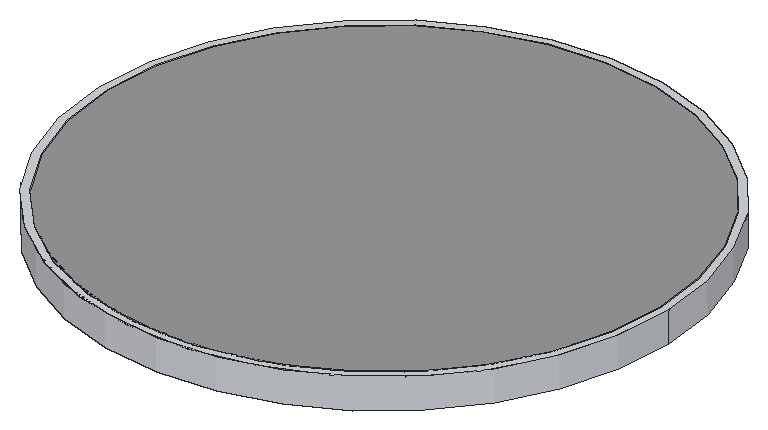
Revit family "2071312", category Lighting Fixtures, host Face, Revit 2018
Family settings
  Host = Face
  Round Connector Dimension = Use Diameter
  Part Type = Junction Box
  OmniClass Number = 23.80.70.00
  OmniClass Title = Lighting
  Cut with Voids When Loaded = No
  Light Source = Yes
  Shared = No
  Room Calculation Point = No
Parameters (values of type "2071312 COLOSSAL 1200 830 PR DIR+H WHT SSC")
  iner diameter = 1168 mm
  Weight = "n/a"
  Wattage Comments = ""
  Wattage = 30 W
  WarrantyStartDate [instance] = "n/a"
  WarrantyGuarantorParts = "n/a"
  WarrantyDurationUnit = "n/a"
  WarrantyDurationParts = ""
  WarrantyDescription = "http://www.sylvania-lighting.com"
  built-in parameter 1150110 = 1 (stored number, unit not read)
  Voltage = 230 V
  URL = "0.95"
  TypeName = "COLOSSAL 1200mm 830 PRISM DIR+HAL WHITE SSC"
  Type Image = <None>
  Type Comments = "n/a"
  built-in parameter 1114217 = 1 (stored number, unit not read)
  Tilt Angle = -90.00°
  built-in parameter 1150109 = 1 (stored number, unit not read)
  built-in parameter 1150134 = (empty or 0)
  built-in parameter 1150113 = 1 (stored number, unit not read)
  SerialNumber [instance] = "n/a"
  Photometric Web File = "2071312.ies"
  Material_3_SYL = LED-Sylvania
  PowerFactor = 0
  PowerConsumption = "Lighting"
  NominalLength = 1168 mm
  NominalHeight = 93 mm
  NominalDepth = 1168 mm
  Name = "COLOSSAL 1200mm 830 PRISM DIR+HAL WHITE SSC"
  ModelReference = Name  # "COLOSSAL 1200mm 830 PRISM DIR+HAL WHITE SSC"
  ModelNumber = "2071312"
  Model = Name  # "COLOSSAL 1200mm 830 PRISM DIR+HAL WHITE SSC"
  Material = "Feilo Sylvania"
  ManufacturerName = "135 lm/W"
  Manufacturer = ""
  LuminousEfficacy = ""
  built-in parameter 1150105 = 270.44 (stored number, unit not read)
  Lumens = 3398.4 lm
  LuminaireType = "0"
  built-in parameter 1150115 = 1 (stored number, unit not read)
  LightOutputRatio = "LED"
  built-in parameter 1150137 = (empty or 0)
  built-in parameter 1150139 = (empty or 0)
  LampsType = Lamp  # "n/a"
  LampNominalLuminous = "3000 K"
  LampMacAdamStep = "80"
  LampColourTemperature = "LED"
  LampColourRenderingIndex = "16500"
  built-in parameter 1150112 = 1 (stored number, unit not read)
  built-in parameter 1150114 = 1 (stored number, unit not read)
  Lamp = "n/a"
  Keynote = "n/a"
  InstallationDate [instance] = "n/a"
  InputVoltage = "0"
  InputNominalFrequency = "3000"
  built-in parameter 1150132 = (empty or 0)
  built-in parameter 1150102 = (empty or 0)
  built-in parameter 1150107 = 3000 (stored number, unit not read)
  built-in parameter 1150138 = (empty or 0)
  IngressProtection = "IfcLightFixtureType"
  ImpactProtectionIndex = "IfcLightFixtureType"
  built-in parameter 1150106 = 2.7044 (stored number, unit not read)
  IfcExportType = "IfcLightFixtureType"
  IfcExportAs = "Class I"
  Emit from Circle Diameter = 385 mm
  Emit Shape Visible in Rendering = no
  ElectricShockClassification = "135"
  built-in parameter 1150104 = 10.524 (stored number, unit not read)
  DocumentationLiterature = "http://www.sylvania-lighting.com/product/en-int/products/2071312"
  DimmingControlOptions = "n/a"
  Material_2_SYL = Polycarbonate_Sylvania_White
  Dimming Lamp Color Temperature Shift = <None>
  Description = "1200mm diameter circular architectural luminaire, can be surface mounted or suspended. Powder coated aluminium housing (RAL9016) with PMMA prismatic diffuser. Direct/indirect (halo) light distribution, 15880lm luminuous flux, 117.5W system power, 135lm/W luminiaire efficacy. Sylsmart Standalone enabled. Colour rendering index Ra >80, 3000K Warm White LED, chromaticity tolerance of 3-step MacAdam ellipse. IP40/IP20, IK03. 350mA drive current. UGR≤19. Electrical protection Class1, 220-240V. Reported lifetime 66k hours L90B10."
  Default Elevation = 1219.2 mm
  CreatedOn = "23/03/2022"
  CreatedBy = "@sylvania-lighting.com"
  Cost = 0
  Color Filter = 16777215
  built-in parameter 1114216 [instance] = (empty or 0)
  ClassificationValue = "EF_70_80"
  ClassificationName = "Uniclass2015"
  Material_1_SYL = Polycarbonate_Sylvania_Opal
  BarCode [instance] = "n/a"
  built-in parameter 1114218 = 1 (stored number, unit not read)
  built-in parameter 1150133 = 10 (stored number, unit not read)
  AssetType = "Fixed"
  AssetIdentifier [instance] = "n/a"
  Assembly Code = "D5020200"
  Apparent Load = 117.5 VA
  Material_4_SYL = none
Reference planes
  plane 1 "Center (Front/Back)": y = 0
  plane 2: z = 0
  plane 3 "Center (Left/Right)": x = 0
  plane 4: z = 1.161
  plane 5: z = 16.161
  plane 6: y = 584
  plane 7: y = -584
  plane 8: x = 85
  plane 9: x = -85
  plane 10: through (0, 0, 1219.2) normal (0.5, 0.866, 0)
  plane 11: through (42.5, 73.612, 1219.2) normal (0.5, 0.866, 0)
  plane 12: through (-42.5, -73.612, 1219.2) normal (0.5, 0.866, 0)
  plane 13: through (0, 0, 1219.2) normal (0.5, -0.866, 0)
  plane 14: through (-42.5, 73.612, 1219.2) normal (0.5, -0.866, 0)
  plane 15: through (42.5, -73.612, 1219.2) normal (0.5, -0.866, 0)
  plane 16: z = 93
  plane 17: y = 584
  plane 18: y = -584
  plane 19: y = -429
  plane 20: x = -584
  plane 21: x = 584
Forms (mm)
  Extrusion 1, solid, detail levels medium+fine
    sketch origin (0, 0, 0) x (0.866025, -0.5, 0) y (0.5, 0.866025, 0)
      loop
        circle (-50, 86.603) r 22
    from 0 to 2
  Extrusion 2, solid, detail levels medium+fine
    sketch origin (0, 0, 0) x (0.866025, -0.5, 0) y (0.5, 0.866025, 0)
      loop
        circle (100, 0) r 22
      loop
        circle (-50, -86.603) r 22
    from 0 to 2
  Extrusion 3, solid, detail levels medium+fine
    sketch origin (0, 0, 0) x (1, 0, 0) y (0, 1, 0)
      loop
        circle (0, 0) r 584
    from 30 to 93
  Extrusion 4, void
    sketch origin (0, 0, 0) x (1, 0, 0) y (0, 1, 0)
      loop
        circle (0, 0) r 568
    from 96.588 to 37.292
  Extrusion 5, solid, material "Glass, White, High Luminance", detail levels fine
    sketch origin (0, 0, 0) x (1, 0, 0) y (0, 1, 0)
      loop
        circle (0, 0) r 568
    from 88.022 to 93
  Extrusion 6, solid, detail levels coarse
    sketch origin (0, 0, 0) x (1, 0, 0) y (0, 1, 0)
      loop
        line (-584, 584) -> (-584, -584) -> (584, -584) -> (584, 584) -> (-584, 584)
    from 0 to 93
  Blend 7, solid, detail levels medium+fine
    base sketch origin (-10.814, 11.299, 29.922) x (1, 0, 0) y (0, 1, 0)
      loop
        line (-402.654, -330.622) -> (397.346, -330.622) -> (482.346, -183.398) -> (82.346, 509.423) -> (-87.654, 509.423) -> (-487.654, -183.398) -> (-402.654, -330.622)
    top sketch origin (-10.814, 11.299, 29.922) x (1, 0, 0) y (0, 1, 0)
      loop
        line (-363.391, -306.496) -> (364.632, -306.496) -> (449.632, -159.272) -> (87.132, 468.597) -> (-82.868, 468.597) -> (-445.368, -159.272) -> (-363.391, -306.496)
    from 0 to -30
Cuts and joins
  Extrusion 4 cuts Extrusion 1
  Extrusion 4 cuts Extrusion 2
  Extrusion 4 cuts Extrusion 3
Lines and regions (mm)
  model lines, detail levels medium+fine
    curve 1: circle (0, 0, 0) r 155 normal (0, 0, 1)
  reference lines
    curve 2: circle (0, 0, 0) r 489 normal (0, 0, 1)
    curve 3: circle (0, 0, 0) r 521 normal (0, 0, 1)
    curve 4: line (0, 0, 0) -> (606.218, -350, 0)
    curve 5: line (0, 0, 0) -> (0, 825, 0)
    curve 6: line (0, 0, 0) -> (-623.538, -360, 0)
    curve 7: line (639.013, -270.785, 0) -> (85, 49.075, 0)
    curve 8: line (563.718, -423.612, 0) -> (0, -98.15, 0)
    curve 9: line (85, 49.075, 0) -> (85, 825, 0)
    curve 10: line (-85, 49.075, 0) -> (-85, 825, 0)
    curve 11: line (-85, 49.075, 0) -> (-666.038, -286.388, 0)
    curve 12: line (-581.038, -433.612, 0) -> (0, -98.15, 0)
Dimensions and locks
  plane 4 to level = 1.161 mm
  locked: plane 5 to plane 4 at 15
  "NominalDepth": plane 6 to plane 7
  plane 6 to plane 1 "Center (Front/Back)" to plane 7 = 584 mm, 584 mm
  "NominalHeight": level to plane 16
  equal spacing: plane 17, plane 1 "Center (Front/Back)", plane 18
  "NominalLength": plane 20 to plane 21
  equal spacing: plane 20, plane 3 "Center (Left/Right)", plane 21
  aligned and locked: plane 2 to host face
  aligned and locked: level to host face
  aligned and locked: plane 6 to Extrusion 6
Automatic sketch dimensions
  host sketch curve to host sketch curve = 2438.4 mm  (x2)
  Extrusion 1 sketch curve to plane 3 "Center (Left/Right)" = 0 mm
  Extrusion 1 sketch curve to plane 1 "Center (Front/Back)" = 100 mm
  plane 1 "Center (Front/Back)" to Extrusion 2 sketch curve = 50 mm
  Extrusion 2 sketch curve to plane 3 "Center (Left/Right)" = 86.603 mm
  Extrusion 2 sketch curve to Extrusion 2 sketch curve = 150 mm
  Extrusion 2 sketch curve to Extrusion 2 sketch curve = 86.603 mm
  plane 1 "Center (Front/Back)" to curve 1 = 0 mm
  curve 1 to plane 3 "Center (Left/Right)" = 0 mm
  plane 1 "Center (Front/Back)" to Extrusion 3 sketch curve = 0 mm
  Extrusion 3 sketch curve to plane 3 "Center (Left/Right)" = 0 mm
  plane 1 "Center (Front/Back)" to Extrusion 4 sketch curve = 0 mm
  Extrusion 4 sketch curve to plane 3 "Center (Left/Right)" = 0 mm
  plane 1 "Center (Front/Back)" to Extrusion 5 sketch curve = 0 mm
  Extrusion 5 sketch curve to plane 3 "Center (Left/Right)" = 0 mm
  curve 2 to curve 3 = 0 mm  (x2)
  curve 11 to plane 14 = 0 mm
  curve 6 to plane 13 = 0 mm
  curve 12 to plane 15 = 0 mm
  curve 10 to plane 9 = 0 mm
  curve 12 to plane 3 "Center (Left/Right)" = 0 mm
  plane 1 "Center (Front/Back)" to curve 3 = 0 mm
  curve 3 to plane 3 "Center (Left/Right)" = 0 mm
  curve 7 to plane 8 = 0 mm
  curve 11 to plane 10 = 0 mm
  curve 12 to plane 19 = 4.612 mm
  plane 19 to curve 6 = 69 mm
  plane 19 to curve 11 = 142.612 mm
  plane 19 to curve 8 = 5.388 mm
  plane 19 to curve 4 = 79 mm
  plane 19 to curve 7 = 158.215 mm
  plane 6 to curve 5 = 241 mm
  curve 10 to curve 5 = 0 mm
  curve 5 to curve 9 = 0 mm
  plane 1 "Center (Front/Back)" to curve 6 = 0 mm
  curve 6 to plane 3 "Center (Left/Right)" = 0 mm
  Extrusion 6 sketch curve to plane 7 = 0 mm
  Extrusion 6 sketch curve to plane 6 = 0 mm
  Blend 7 sketch curve to plane 6 = 756.098 mm  (x2)
  Blend 7 sketch curve to Blend 7 sketch curve = 85 mm
  plane 3 "Center (Left/Right)" to Blend 7 sketch curve = 386.532 mm
  plane 8 to Blend 7 sketch curve = 386.532 mm
  Blend 7 sketch curve to plane 6 = 63.278 mm
  Blend 7 sketch curve to plane 6 = 731.972 mm  (x2)
  Blend 7 sketch curve to Blend 7 sketch curve = 81.977 mm
  plane 3 "Center (Left/Right)" to Blend 7 sketch curve = 353.818 mm
  plane 8 to Blend 7 sketch curve = 353.818 mm
  Blend 7 sketch curve to plane 6 = 104.104 mm
  plane 12 to curve 8 = 0 mm
  plane 19 to Blend 7 sketch curve = 109.677 mm
  plane 19 to Blend 7 sketch curve = 133.803 mm
  plane 8 to Extrusion 6 sketch curve = 499 mm
  Extrusion 6 sketch curve to plane 9 = 499 mm
  Blend 7 sketch curve to plane 8 = 13.468 mm
  Blend 7 sketch curve to plane 9 = 13.468 mm
  Blend 7 sketch curve to plane 9 = 328.468 mm
  Blend 7 sketch curve to plane 8 = 8.682 mm
  Blend 7 sketch curve to plane 9 = 8.682 mm
  Blend 7 sketch curve to plane 9 = 289.205 mm
  plane 10 to curve 4 = 0 mm
  plane 11 to curve 7 = 0 mm
  curve 12 to plane 12 = 0 mm
  curve 9 to plane 11 = 0 mm
  radius of Extrusion 1 sketch curve = 22 mm
  radius of Extrusion 2 sketch curve = 22 mm  (x2)
  radius of curve 1 = 155 mm
  radius of Extrusion 3 sketch curve = 584 mm
  radius of Extrusion 4 sketch curve = 568 mm
  radius of Extrusion 5 sketch curve = 568 mm
  radius of curve 2 = 489 mm
  radius of curve 3 = 521 mm
Connectors
  electrical at (0, 0, 30)
    settings: on cut or joined group of Extrusion 3, Extrusion 4, index 1, voltage 0 V, apparent load 0 VA, apparent load phase1 0 VA, apparent load phase2 0 VA, apparent load phase3 0 VA, power factor 1, load classification "Other", number of poles 1, system type 31, power factor state 1, is connector primary yes, connector utility no, sub classification motor no, connector description ""
